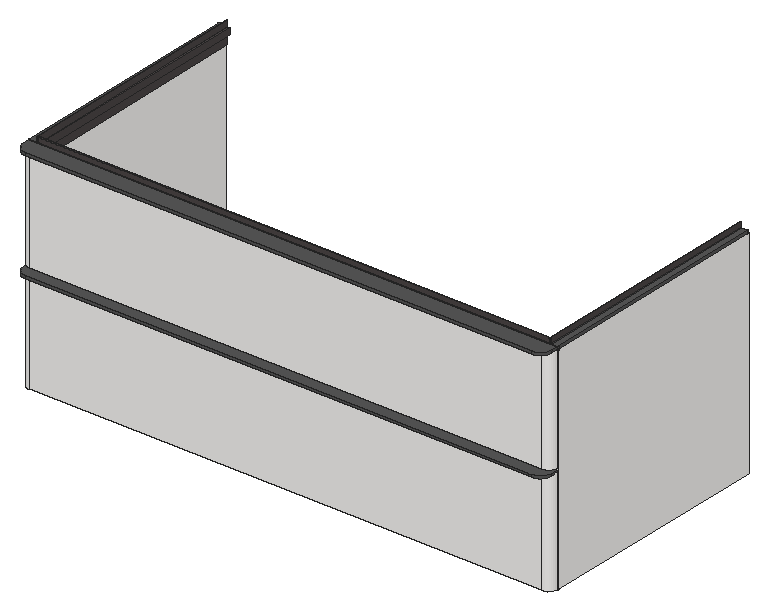
Revit family "vanity unit with 2 drawers for consoles with bowl", category Furniture, Revit 2019 (continued)
Definition of nested family "vanity unit 1180_550 with 2 drawers for consoles with bowl-54083700-diamond matt grey-matt_white-200_content"
  Forms (mm)
    Extrusion 2, solid, visible <- "ContentVisible", detail levels medium+fine
      from 0 to 5
    Extrusion 3, solid, visible <- "ContentVisible", detail levels medium+fine
      sketch origin (0, 0, 480) x (1, 0, 0) y (0, 1, 0)
        loop
          line (-588.5, -528.5) -> (-588.5, -571) -> (588.5, -571) -> (588.5, -528.5) -> (-588.5, -528.5)
      from 0 to 5
    Extrusion 4, solid, visible <- "ContentVisible", detail levels medium+fine
      sketch origin (0, 0, 0) x (1, 0, 0) y (0, 0, -1)
        loop
          line (-574, -447) -> (-574, -485) -> (-572.5, -485) -> (-572.5, -447) -> (-574, -447)
      from -530 to 0
    Extrusion 5, solid, visible <- "ContentVisible", detail levels medium+fine
      sketch origin (0, 0, 0) x (1, 0, 0) y (0, 0, -1)
        loop
          line (572.5, -446.8) -> (572.5, -485) -> (574, -485) -> (574, -446.8) -> (572.5, -446.8)
      from -530 to 0
    Extrusion 6, solid, visible <- "ContentVisible", detail levels medium+fine
      sketch origin (0, 0, 480) x (1, 0, 0) y (0, 1, 0)
        loop
          line (-590, 0) -> (-590, -530) -> (-574, -530) -> (-574, 0) -> (-590, 0)
      from 0 to 5
    Extrusion 7, solid, visible <- "ContentVisible", detail levels medium+fine
      sketch origin (0, 0, 480) x (1, 0, 0) y (0, 1, 0)
        loop
          line (574, 0) -> (574, -530) -> (590, -530) -> (590, 0) -> (574, 0)
      from 0 to 5
    Extrusion 8, solid, visible <- "ContentVisible", detail levels medium+fine
      sketch origin (0, 0, 0) x (1, 0, 0) y (0, 0, -1)
        loop
          line (-572.5, -447) -> (-572.5, -496) -> (-566.4, -496) -> (-566.4, -447) -> (-572.5, -447)
      from -528.5 to 0
    Extrusion 9, solid, visible <- "ContentVisible", detail levels medium+fine
      sketch origin (0, 0, 0) x (1, 0, 0) y (0, 0, -1)
        loop
          line (566.4, -447) -> (566.4, -496) -> (572.5, -496) -> (572.5, -447) -> (566.4, -447)
      from -528.5 to 0
    Extrusion 10, solid, visible <- "ContentVisible", detail levels medium+fine
      sketch origin (0, 0, 0) x (0, 0, -1) y (0, 1, 0)
        loop
          line (-496, -528.5) -> (-447, -528.5) -> (-447, -522.4) -> (-496, -522.4) -> (-496, -528.5)
      from -572.5 to 572.5
    Extrusion 11, solid, visible <- "ContentVisible", detail levels coarse
      sketch origin (0, -285.5, 0) x (1, 0, 0) y (0, 1, 0)
        loop
          line (-590, -285.5) -> (590, -285.5) -> (590, 285.5) -> (-590, 285.5) -> (-590, -285.5)
      from 0 to 496
  Dimensions and locks
    aligned and locked: level to plane 2
Definition of nested family "vanity unit 1180_550 with 2 drawers for consoles with bowl-54083700-diamond matt grey-matt_white-400_content"
  Parameters (values of type "Vanity unit 1180_550 with 2 drawers for consoles with bowl-54083700-Diamond Matt Grey-MATT_WHITE-400_Content")
    etim7_EC011381 = "EC011381"
    WEIGHT = "42.7"
    UNSPSC = "56 | Furniture and Furnishings"
    UNIFORMATII = "E2010 | Fixed Furnishings"
    UNICLASS_2015_CODE = "40_30_78_05"
    UNICLASS2015 = "Pr_40_30_78_05 | Bathroom furniture"
    SURFACE = "MATT_WHITE"
    REGIONSET = "Worldwide"
    PRODUCTURL = "https://pro.hansgrohe.com/articledetail--54083000"
    PRODUCTGROUP = "vanity unit"
    PRODUCTFAMILY = "Xelu Q"
    PERMALINK = "54083XXX"
    OMNICLASS = "23-21 19 15 33 13 | Residential Bathroom Specialty Casework"
    OBJECTTYPE = "Object (single object)"
    OBERFLAECHE = "Diamond Matt Grey"
    NN = "Vanity unit with 2 drawers for consoles with bowl"
    NBSYN = "$BASENUMBER.-$ARTNR.-$OBERFLAECHE.-$SURFACE.-$LODLEVEL."
    NB = "Vanity unit 1180/550 with 2 drawers for consoles with bowl-54083700-Diamond Matt Grey-MATT_WHITE-400"
    NAME = "Xelu Q Vanity unit Diamond Matt Grey 1180/550 with 2 drawers for consoles with bowl"
    Model = "Vanity unit 1180/550 with 2 drawers for consoles with bowl-54083700-Diamond Matt Grey-MATT_WHITE-400"
    Manufacturer = "Hansgrohe"
    MASTERFORMAT = "12 35 30.23 | Bathroom Casework"
    LODLEVEL = "400"
    LINA = "Vanity unit 1180/550 with 2 drawers for consoles with bowl-54083700-Diamond Matt Grey-MATT_WHITE-400"
    L = 1180
    IFC = "Furnishing element"
    GTINCODE = "4059625456668"
    ETIM = "EC011381 | Bathroom furniture set"
    Default Elevation = 1219.2 mm
    DESIGN = "Germany"
    ContentVisible [instance] = yes
    CATALOG = "Hansgrohe"
    BIMOBJECT = "Sanitary: Compound units"
    BASENUMBER = "Vanity unit 1180/550 with 2 drawers for consoles with bowl"
    ARTNR = "54083700"
  Reference planes
    plane 1 "Center (Front/Back)": y = 0
    plane 2: z = 0
    plane 3 "Center (Left/Right)": x = 0
  Forms (mm)
    Extrusion 1, solid, visible <- "ContentVisible", detail levels medium+fine
      sketch origin (0, 0, 0) x (1, 0, 0) y (0, 1, 0)
        loop
          line (-590, 0) -> (-590, -527)
          arc (-590, -527) -> (-589.121, -529.121) -> (-587, -530) r 3
          line (-587, -530) -> (-574, -530) -> (-574, 0) -> (-590, 0)
      from 0 to 480
    Extrusion 2, solid, visible <- "ContentVisible", detail levels medium+fine
      sketch origin (0, 0, 0) x (1, 0, 0) y (0, 1, 0)
        loop
          line (-574, -133) -> (-574, -499.5) -> (574, -499.5) -> (574, -133) -> (-574, -133)
      from 0 to 16
    Extrusion 3, solid, visible <- "ContentVisible", detail levels medium+fine
      sketch origin (0, 0, 0) x (1, 0, 0) y (0, 1, 0)
        loop
          line (574, 0) -> (574, -530) -> (587, -530)
          arc (587, -530) -> (589.121, -529.121) -> (590, -527) r 3
          line (590, -527) -> (590, 0) -> (574, 0)
      from 0 to 480
    Extrusion 4, solid, visible <- "ContentVisible", detail levels medium+fine
      sketch origin (0, 0, 0) x (1, 0, 0) y (0, 1, 0)
        loop
          line (-574, -117) -> (-574, -133) -> (574, -133) -> (574, -117) -> (-574, -117)
      from 0 to 126
    Extrusion 5, solid, visible <- "ContentVisible", detail levels medium+fine
      sketch origin (0, 0, 2) x (1, 0, 0) y (0, 1, 0)
        loop
          arc (-590, -532) -> (-584.435, -545.435) -> (-571, -551) r 19
          line (-571, -551) -> (571, -551)
          arc (571, -551) -> (584.435, -545.435) -> (590, -532) r 19
          line (590, -532) -> (590, -530) -> (-590, -530) -> (-590, -532)
      from 0 to 234
    Extrusion 6, solid, visible <- "ContentVisible", detail levels medium+fine
      sketch origin (0, 0, 234) x (1, 0, 0) y (0, 1, 0)
        loop
          line (-588.5, -530) -> (-588.5, -546)
          arc (-588.5, -546) -> (-581.178, -563.678) -> (-563.5, -571) r 25
          line (-563.5, -571) -> (563.5, -571)
          arc (563.5, -571) -> (581.178, -563.678) -> (588.5, -546) r 25
          line (588.5, -546) -> (588.5, -530) -> (568.5, -530) -> (568.5, -528.5) -> (-568.5, -528.5) -> (-568.5, -530) -> (-588.5, -530)
      from 0 to 5
    Extrusion 7, solid, visible <- "ContentVisible", detail levels medium+fine
      sketch origin (0, 0, 0) x (0, 0, -1) y (0, 1, 0)
        loop
          line (-239, -528.5) -> (-239, -530) -> (-209, -530) -> (-209, -528.5) -> (-239, -528.5)
      from -568.5 to 568.5
    Extrusion 8, solid, visible <- "ContentVisible", detail levels medium+fine
      sketch origin (0, 0, 245) x (1, 0, 0) y (0, 1, 0)
        loop
          arc (-590, -532) -> (-584.435, -545.435) -> (-571, -551) r 19
          line (-571, -551) -> (571, -551)
          arc (571, -551) -> (584.435, -545.435) -> (590, -532) r 19
          line (590, -532) -> (590, -530) -> (-590, -530) -> (-590, -532)
      from 0 to 235
    Extrusion 9, solid, visible <- "ContentVisible", detail levels medium+fine
      sketch origin (0, 0, 480) x (1, 0, 0) y (0, 1, 0)
        loop
          line (-588.5, -530) -> (-588.5, -546)
          arc (-588.5, -546) -> (-581.178, -563.678) -> (-563.5, -571) r 25
          line (-563.5, -571) -> (563.5, -571)
          arc (563.5, -571) -> (581.178, -563.678) -> (588.5, -546) r 25
          line (588.5, -546) -> (588.5, -530) -> (568.5, -530) -> (568.5, -528.5) -> (-568.5, -528.5) -> (-568.5, -530) -> (-588.5, -530)
      from 0 to 5
    Extrusion 10, solid, visible <- "ContentVisible", detail levels medium+fine
      sketch origin (0, 0, 0) x (0, 0, -1) y (0, 1, 0)
        loop
          line (-485, -528.5) -> (-485, -530) -> (-455, -530) -> (-455, -528.5) -> (-485, -528.5)
      from -568.5 to 568.5
    Extrusion 11, solid, visible <- "ContentVisible", detail levels medium+fine
      sketch origin (0, 0, 0) x (1, 0, 0) y (0, 0, -1)
        loop
          line (-574, -447) -> (-574, -485) -> (-572.5, -485) -> (-572.5, -447) -> (-574, -447)
      from -530 to 0
    Extrusion 12, solid, visible <- "ContentVisible", detail levels medium+fine
      sketch origin (0, 0, 0) x (1, 0, 0) y (0, 0, -1)
        loop
          line (572.5, -446.8) -> (572.5, -485) -> (574, -485) -> (574, -446.8) -> (572.5, -446.8)
      from -530 to 0
    Extrusion 13, solid, visible <- "ContentVisible", detail levels medium+fine
      sketch origin (0, 0, 480) x (1, 0, 0) y (0, 1, 0)
        loop
          line (-590, -3) -> (-590, -527)
          arc (-590, -527) -> (-589.121, -529.121) -> (-587, -530) r 3
          line (-587, -530) -> (-574, -530) -> (-574, 0) -> (-587, 0)
          arc (-587, 0) -> (-589.121, -0.879) -> (-590, -3) r 3
      from 0 to 5
    Extrusion 14, solid, visible <- "ContentVisible", detail levels medium+fine
      sketch origin (0, 0, 480) x (1, 0, 0) y (0, 1, 0)
        loop
          line (574, 0) -> (574, -530) -> (587, -530)
          arc (587, -530) -> (589.121, -529.121) -> (590, -527) r 3
          line (590, -527) -> (590, -3)
          arc (590, -3) -> (589.121, -0.879) -> (587, 0) r 3
          line (587, 0) -> (574, 0)
      from 0 to 5
    Extrusion 15, solid, visible <- "ContentVisible", detail levels medium+fine
      sketch origin (0, 0, 0) x (1, 0, 0) y (0, 0, -1)
        loop
          line (-572.5, -447) -> (-572.5, -496) -> (-571, -496) -> (-571, -483) -> (-566.4, -483) -> (-566.4, -468.5) -> (-571, -468.5) -> (-571, -447) -> (-572.5, -447)
      from -528.5 to 0
    Extrusion 16, solid, visible <- "ContentVisible", detail levels medium+fine
      sketch origin (0, 0, 0) x (1, 0, 0) y (0, 0, -1)
        loop
          line (566.4, -468.5) -> (566.4, -483) -> (571, -483) -> (571, -496) -> (572.5, -496) -> (572.5, -447) -> (571, -447) -> (571, -468.5) -> (566.4, -468.5)
      from -528.5 to 0
    Extrusion 17, solid, visible <- "ContentVisible", detail levels medium+fine
      sketch origin (0, 0, 0) x (0, 0, -1) y (0, 1, 0)
        loop
          line (-496, -528.5) -> (-447, -528.5) -> (-447, -527) -> (-468.5, -527) -> (-468.5, -522.4) -> (-483, -522.4) -> (-483, -527) -> (-496, -527) -> (-496, -528.5)
      from -572.5 to 572.5
    Extrusion 18, solid, visible <- "ContentVisible", detail levels coarse
      sketch origin (0, -285.5, 0) x (1, 0, 0) y (0, 1, 0)
        loop
          line (-590, -285.5) -> (590, -285.5) -> (590, 285.5) -> (-590, 285.5) -> (-590, -285.5)
      from 0 to 496
  Dimensions and locks
    aligned and locked: level to plane 2
Definition of nested family "vanity unit 1180_550 with 2 drawers for consoles with bowl-54084000-natural oak-chrome-200_content"
  Parameters (values of type "Vanity unit 1180_550 with 2 drawers for consoles with bowl-54084000-Natural Oak-CHROME-200_Content")
    etim7_EC011381 = "EC011381"
    WEIGHT = "42.7"
    UNSPSC = "56 | Furniture and Furnishings"
    UNIFORMATII = "E2010 | Fixed Furnishings"
    UNICLASS_2015_CODE = "40_30_78_05"
    UNICLASS2015 = "Pr_40_30_78_05 | Bathroom furniture"
    SURFACE = "CHROME"
    REGIONSET = "Worldwide"
    PRODUCTURL = "https://pro.hansgrohe.com/articledetail--54084000"
    PRODUCTGROUP = "vanity unit"
    PRODUCTFAMILY = "Xelu Q"
    PERMALINK = "54084XXX"
    OMNICLASS = "23-21 19 15 33 13 | Residential Bathroom Specialty Casework"
    OBJECTTYPE = "Object (single object)"
    OBERFLAECHE = "Natural Oak"
    NN = "Vanity unit with 2 drawers for consoles with bowl"
    NBSYN = "$BASENUMBER.-$ARTNR.-$OBERFLAECHE.-$SURFACE.-$LODLEVEL."
    NB = "Vanity unit 1180/550 with 2 drawers for consoles with bowl-54084000-Natural Oak-CHROME-200"
    NAME = "Xelu Q Vanity unit Natural Oak 1180/550 with 2 drawers for consoles with bowl"
    Model = "Vanity unit 1180/550 with 2 drawers for consoles with bowl-54084000-Natural Oak-CHROME-200"
    Manufacturer = "Hansgrohe"
    MASTERFORMAT = "12 35 30.23 | Bathroom Casework"
    LODLEVEL = "200"
    LINA = "Vanity unit 1180/550 with 2 drawers for consoles with bowl-54084000-Natural Oak-CHROME-200"
    L = 1180
    IFC = "Furnishing element"
    GTINCODE = "4059625457030"
    ETIM = "EC011381 | Bathroom furniture set"
    Default Elevation = 1219.2 mm
    DESIGN = "Germany"
    ContentVisible [instance] = yes
    CATALOG = "Hansgrohe"
    BIMOBJECT = "Sanitary: Compound units"
    BASENUMBER = "Vanity unit 1180/550 with 2 drawers for consoles with bowl"
    ARTNR = "54084000"
  Reference planes
    plane 1 "Center (Front/Back)": y = 0
    plane 2: z = 0
    plane 3 "Center (Left/Right)": x = 0
  Forms (mm)
    Extrusion 1, solid, visible <- "ContentVisible", detail levels medium+fine
      sketch origin (0, 0, 0) x (1, 0, 0) y (0, 1, 0)
        loop
          line (-590, 0) -> (-590, -551) -> (590, -551) -> (590, 0) -> (574, 0) -> (574, -117) -> (-574, -117) -> (-574, 0) -> (-590, 0)
      from 0 to 480
    Extrusion 2, solid, visible <- "ContentVisible", detail levels medium+fine
      sketch origin (0, 0, 234) x (1, 0, 0) y (0, 1, 0)
        loop
          line (-588.5, -528.5) -> (-588.5, -571) -> (588.5, -571) -> (588.5, -528.5) -> (-588.5, -528.5)
      from 0 to 5
    Extrusion 3, solid, visible <- "ContentVisible", detail levels medium+fine
      sketch origin (0, 0, 480) x (1, 0, 0) y (0, 1, 0)
        loop
          line (-588.5, -528.5) -> (-588.5, -571) -> (588.5, -571) -> (588.5, -528.5) -> (-588.5, -528.5)
      from 0 to 5
    Extrusion 4, solid, visible <- "ContentVisible", detail levels medium+fine
      sketch origin (0, 0, 0) x (1, 0, 0) y (0, 0, -1)
        loop
          line (-574, -447) -> (-574, -485) -> (-572.5, -485) -> (-572.5, -447) -> (-574, -447)
      from -530 to 0
    Extrusion 5, solid, visible <- "ContentVisible", detail levels medium+fine
      sketch origin (0, 0, 0) x (1, 0, 0) y (0, 0, -1)
        loop
          line (572.5, -446.8) -> (572.5, -485) -> (574, -485) -> (574, -446.8) -> (572.5, -446.8)
      from -530 to 0
    Extrusion 6, solid, visible <- "ContentVisible", detail levels medium+fine
      sketch origin (0, 0, 480) x (1, 0, 0) y (0, 1, 0)
        loop
          line (-590, 0) -> (-590, -530) -> (-574, -530) -> (-574, 0) -> (-590, 0)
      from 0 to 5
    Extrusion 7, solid, visible <- "ContentVisible", detail levels medium+fine
      sketch origin (0, 0, 480) x (1, 0, 0) y (0, 1, 0)
        loop
          line (574, 0) -> (574, -530) -> (590, -530) -> (590, 0) -> (574, 0)
      from 0 to 5
    Extrusion 8, solid, visible <- "ContentVisible", detail levels medium+fine
      sketch origin (0, 0, 0) x (1, 0, 0) y (0, 0, -1)
        loop
          line (-572.5, -447) -> (-572.5, -496) -> (-566.4, -496) -> (-566.4, -447) -> (-572.5, -447)
      from -528.5 to 0
    Extrusion 9, solid, visible <- "ContentVisible", detail levels medium+fine
      sketch origin (0, 0, 0) x (1, 0, 0) y (0, 0, -1)
        loop
          line (566.4, -447) -> (566.4, -496) -> (572.5, -496) -> (572.5, -447) -> (566.4, -447)
      from -528.5 to 0
    Extrusion 10, solid, visible <- "ContentVisible", detail levels medium+fine
      sketch origin (0, 0, 0) x (0, 0, -1) y (0, 1, 0)
        loop
          line (-496, -528.5) -> (-447, -528.5) -> (-447, -522.4) -> (-496, -522.4) -> (-496, -528.5)
      from -572.5 to 572.5
    Extrusion 11, solid, visible <- "ContentVisible", detail levels coarse
      sketch origin (0, -285.5, 0) x (1, 0, 0) y (0, 1, 0)
        loop
          line (-590, -285.5) -> (590, -285.5) -> (590, 285.5) -> (-590, 285.5) -> (-590, -285.5)
      from 0 to 496
  Dimensions and locks
    aligned and locked: level to plane 2
Definition of nested family "vanity unit 1180_550 with 2 drawers for consoles with bowl-54084000-natural oak-chrome-400_content"
  Parameters (values of type "Vanity unit 1180_550 with 2 drawers for consoles with bowl-54084000-Natural Oak-CHROME-400_Content")
    etim7_EC011381 = "EC011381"
    WEIGHT = "42.7"
    UNSPSC = "56 | Furniture and Furnishings"
    UNIFORMATII = "E2010 | Fixed Furnishings"
    UNICLASS_2015_CODE = "40_30_78_05"
    UNICLASS2015 = "Pr_40_30_78_05 | Bathroom furniture"
    SURFACE = "CHROME"
    REGIONSET = "Worldwide"
    PRODUCTURL = "https://pro.hansgrohe.com/articledetail--54084000"
    PRODUCTGROUP = "vanity unit"
    PRODUCTFAMILY = "Xelu Q"
    PERMALINK = "54084XXX"
    OMNICLASS = "23-21 19 15 33 13 | Residential Bathroom Specialty Casework"
    OBJECTTYPE = "Object (single object)"
    OBERFLAECHE = "Natural Oak"
    NN = "Vanity unit with 2 drawers for consoles with bowl"
    NBSYN = "$BASENUMBER.-$ARTNR.-$OBERFLAECHE.-$SURFACE.-$LODLEVEL."
    NB = "Vanity unit 1180/550 with 2 drawers for consoles with bowl-54084000-Natural Oak-CHROME-400"
    NAME = "Xelu Q Vanity unit Natural Oak 1180/550 with 2 drawers for consoles with bowl"
    Model = "Vanity unit 1180/550 with 2 drawers for consoles with bowl-54084000-Natural Oak-CHROME-400"
    Manufacturer = "Hansgrohe"
    MASTERFORMAT = "12 35 30.23 | Bathroom Casework"
    LODLEVEL = "400"
    LINA = "Vanity unit 1180/550 with 2 drawers for consoles with bowl-54084000-Natural Oak-CHROME-400"
    L = 1180
    IFC = "Furnishing element"
    GTINCODE = "4059625457030"
    ETIM = "EC011381 | Bathroom furniture set"
    Default Elevation = 1219.2 mm
    DESIGN = "Germany"
    ContentVisible [instance] = yes
    CATALOG = "Hansgrohe"
    BIMOBJECT = "Sanitary: Compound units"
    BASENUMBER = "Vanity unit 1180/550 with 2 drawers for consoles with bowl"
    ARTNR = "54084000"
  Reference planes
    plane 1 "Center (Front/Back)": y = 0
    plane 2: z = 0
    plane 3 "Center (Left/Right)": x = 0
  Forms (mm)
    Extrusion 1, solid, visible <- "ContentVisible", detail levels medium+fine
      sketch origin (0, 0, 0) x (1, 0, 0) y (0, 1, 0)
        loop
          line (-590, 0) -> (-590, -527)
          arc (-590, -527) -> (-589.121, -529.121) -> (-587, -530) r 3
          line (-587, -530) -> (-574, -530) -> (-574, 0) -> (-590, 0)
      from 0 to 480
    Extrusion 2, solid, visible <- "ContentVisible", detail levels medium+fine
      sketch origin (0, 0, 0) x (1, 0, 0) y (0, 1, 0)
        loop
          line (-574, -133) -> (-574, -499.5) -> (574, -499.5) -> (574, -133) -> (-574, -133)
      from 0 to 16
    Extrusion 3, solid, visible <- "ContentVisible", detail levels medium+fine
      sketch origin (0, 0, 0) x (1, 0, 0) y (0, 1, 0)
        loop
          line (574, 0) -> (574, -530) -> (587, -530)
          arc (587, -530) -> (589.121, -529.121) -> (590, -527) r 3
          line (590, -527) -> (590, 0) -> (574, 0)
      from 0 to 480
    Extrusion 4, solid, visible <- "ContentVisible", detail levels medium+fine
      sketch origin (0, 0, 0) x (1, 0, 0) y (0, 1, 0)
        loop
          line (-574, -117) -> (-574, -133) -> (574, -133) -> (574, -117) -> (-574, -117)
      from 0 to 126
    Extrusion 5, solid, visible <- "ContentVisible", detail levels medium+fine
      sketch origin (0, 0, 2) x (1, 0, 0) y (0, 1, 0)
        loop
          arc (-590, -532) -> (-584.435, -545.435) -> (-571, -551) r 19
          line (-571, -551) -> (571, -551)
          arc (571, -551) -> (584.435, -545.435) -> (590, -532) r 19
          line (590, -532) -> (590, -530) -> (-590, -530) -> (-590, -532)
      from 0 to 234
    Extrusion 6, solid, visible <- "ContentVisible", detail levels medium+fine
      sketch origin (0, 0, 234) x (1, 0, 0) y (0, 1, 0)
        loop
          line (-588.5, -530) -> (-588.5, -546)
          arc (-588.5, -546) -> (-581.178, -563.678) -> (-563.5, -571) r 25
          line (-563.5, -571) -> (563.5, -571)
          arc (563.5, -571) -> (581.178, -563.678) -> (588.5, -546) r 25
          line (588.5, -546) -> (588.5, -530) -> (568.5, -530) -> (568.5, -528.5) -> (-568.5, -528.5) -> (-568.5, -530) -> (-588.5, -530)
      from 0 to 5
    Extrusion 7, solid, visible <- "ContentVisible", detail levels medium+fine
      sketch origin (0, 0, 0) x (0, 0, -1) y (0, 1, 0)
        loop
          line (-239, -528.5) -> (-239, -530) -> (-209, -530) -> (-209, -528.5) -> (-239, -528.5)
      from -568.5 to 568.5
    Extrusion 8, solid, visible <- "ContentVisible", detail levels medium+fine
      sketch origin (0, 0, 245) x (1, 0, 0) y (0, 1, 0)
        loop
          arc (-590, -532) -> (-584.435, -545.435) -> (-571, -551) r 19
          line (-571, -551) -> (571, -551)
          arc (571, -551) -> (584.435, -545.435) -> (590, -532) r 19
          line (590, -532) -> (590, -530) -> (-590, -530) -> (-590, -532)
      from 0 to 235
    Extrusion 9, solid, visible <- "ContentVisible", detail levels medium+fine
      sketch origin (0, 0, 480) x (1, 0, 0) y (0, 1, 0)
        loop
          line (-588.5, -530) -> (-588.5, -546)
          arc (-588.5, -546) -> (-581.178, -563.678) -> (-563.5, -571) r 25
          line (-563.5, -571) -> (563.5, -571)
          arc (563.5, -571) -> (581.178, -563.678) -> (588.5, -546) r 25
          line (588.5, -546) -> (588.5, -530) -> (568.5, -530) -> (568.5, -528.5) -> (-568.5, -528.5) -> (-568.5, -530) -> (-588.5, -530)
      from 0 to 5
    Extrusion 10, solid, visible <- "ContentVisible", detail levels medium+fine
      sketch origin (0, 0, 0) x (0, 0, -1) y (0, 1, 0)
        loop
          line (-485, -528.5) -> (-485, -530) -> (-455, -530) -> (-455, -528.5) -> (-485, -528.5)
      from -568.5 to 568.5
    Extrusion 11, solid, visible <- "ContentVisible", detail levels medium+fine
      sketch origin (0, 0, 0) x (1, 0, 0) y (0, 0, -1)
        loop
          line (-574, -447) -> (-574, -485) -> (-572.5, -485) -> (-572.5, -447) -> (-574, -447)
      from -530 to 0
    Extrusion 12, solid, visible <- "ContentVisible", detail levels medium+fine
      sketch origin (0, 0, 0) x (1, 0, 0) y (0, 0, -1)
        loop
          line (572.5, -446.8) -> (572.5, -485) -> (574, -485) -> (574, -446.8) -> (572.5, -446.8)
      from -530 to 0
    Extrusion 13, solid, visible <- "ContentVisible", detail levels medium+fine
      sketch origin (0, 0, 480) x (1, 0, 0) y (0, 1, 0)
        loop
          line (-590, -3) -> (-590, -527)
          arc (-590, -527) -> (-589.121, -529.121) -> (-587, -530) r 3
          line (-587, -530) -> (-574, -530) -> (-574, 0) -> (-587, 0)
          arc (-587, 0) -> (-589.121, -0.879) -> (-590, -3) r 3
      from 0 to 5
    Extrusion 14, solid, visible <- "ContentVisible", detail levels medium+fine
      sketch origin (0, 0, 480) x (1, 0, 0) y (0, 1, 0)
        loop
          line (574, 0) -> (574, -530) -> (587, -530)
          arc (587, -530) -> (589.121, -529.121) -> (590, -527) r 3
          line (590, -527) -> (590, -3)
          arc (590, -3) -> (589.121, -0.879) -> (587, 0) r 3
          line (587, 0) -> (574, 0)
      from 0 to 5
    Extrusion 15, solid, visible <- "ContentVisible", detail levels medium+fine
      sketch origin (0, 0, 0) x (1, 0, 0) y (0, 0, -1)
        loop
          line (-572.5, -447) -> (-572.5, -496) -> (-571, -496) -> (-571, -483) -> (-566.4, -483) -> (-566.4, -468.5) -> (-571, -468.5) -> (-571, -447) -> (-572.5, -447)
      from -528.5 to 0
    Extrusion 16, solid, visible <- "ContentVisible", detail levels medium+fine
      sketch origin (0, 0, 0) x (1, 0, 0) y (0, 0, -1)
        loop
          line (566.4, -468.5) -> (566.4, -483) -> (571, -483) -> (571, -496) -> (572.5, -496) -> (572.5, -447) -> (571, -447) -> (571, -468.5) -> (566.4, -468.5)
      from -528.5 to 0
    Extrusion 17, solid, visible <- "ContentVisible", detail levels medium+fine
      sketch origin (0, 0, 0) x (0, 0, -1) y (0, 1, 0)
        loop
          line (-496, -528.5) -> (-447, -528.5) -> (-447, -527) -> (-468.5, -527) -> (-468.5, -522.4) -> (-483, -522.4) -> (-483, -527) -> (-496, -527) -> (-496, -528.5)
      from -572.5 to 572.5
    Extrusion 18, solid, visible <- "ContentVisible", detail levels coarse
      sketch origin (0, -285.5, 0) x (1, 0, 0) y (0, 1, 0)
        loop
          line (-590, -285.5) -> (590, -285.5) -> (590, 285.5) -> (-590, 285.5) -> (-590, -285.5)
      from 0 to 496
  Dimensions and locks
    aligned and locked: level to plane 2
Definition of nested family "vanity unit 1180_550 with 2 drawers for consoles with bowl-54084670-natural oak-matt_black-200_content"
  Parameters (values of type "Vanity unit 1180_550 with 2 drawers for consoles with bowl-54084670-Natural Oak-MATT_BLACK-200_Content")
    etim7_EC011381 = "EC011381"
    WEIGHT = "42.7"
    UNSPSC = "56 | Furniture and Furnishings"
    UNIFORMATII = "E2010 | Fixed Furnishings"
    UNICLASS_2015_CODE = "40_30_78_05"
    UNICLASS2015 = "Pr_40_30_78_05 | Bathroom furniture"
    SURFACE = "MATT_BLACK"
    REGIONSET = "Worldwide"
    PRODUCTURL = "https://pro.hansgrohe.com/articledetail--54084000"
    PRODUCTGROUP = "vanity unit"
    PRODUCTFAMILY = "Xelu Q"
    PERMALINK = "54084XXX"
    OMNICLASS = "23-21 19 15 33 13 | Residential Bathroom Specialty Casework"
    OBJECTTYPE = "Object (single object)"
    OBERFLAECHE = "Natural Oak"
    NN = "Vanity unit with 2 drawers for consoles with bowl"
    NBSYN = "$BASENUMBER.-$ARTNR.-$OBERFLAECHE.-$SURFACE.-$LODLEVEL."
    NB = "Vanity unit 1180/550 with 2 drawers for consoles with bowl-54084670-Natural Oak-MATT_BLACK-200"
    NAME = "Xelu Q Vanity unit Natural Oak 1180/550 with 2 drawers for consoles with bowl"
    Model = "Vanity unit 1180/550 with 2 drawers for consoles with bowl-54084670-Natural Oak-MATT_BLACK-200"
    Manufacturer = "Hansgrohe"
    MASTERFORMAT = "12 35 30.23 | Bathroom Casework"
    LODLEVEL = "200"
    LINA = "Vanity unit 1180/550 with 2 drawers for consoles with bowl-54084670-Natural Oak-MATT_BLACK-200"
    L = 1180
    IFC = "Furnishing element"
    GTINCODE = "4059625457030"
    ETIM = "EC011381 | Bathroom furniture set"
    Default Elevation = 1219.2 mm
    DESIGN = "Germany"
    ContentVisible [instance] = yes
    CATALOG = "Hansgrohe"
    BIMOBJECT = "Sanitary: Compound units"
    BASENUMBER = "Vanity unit 1180/550 with 2 drawers for consoles with bowl"
    ARTNR = "54084670"
  Reference planes
    plane 1 "Center (Front/Back)": y = 0
    plane 2: z = 0
    plane 3 "Center (Left/Right)": x = 0
  Forms (mm)
    Extrusion 1, solid, visible <- "ContentVisible", detail levels medium+fine
      sketch origin (0, 0, 0) x (1, 0, 0) y (0, 1, 0)
        loop
          line (-590, 0) -> (-590, -551) -> (590, -551) -> (590, 0) -> (574, 0) -> (574, -117) -> (-574, -117) -> (-574, 0) -> (-590, 0)
      from 0 to 480
    Extrusion 2, solid, visible <- "ContentVisible", detail levels medium+fine
      sketch origin (0, 0, 234) x (1, 0, 0) y (0, 1, 0)
        loop
          line (-588.5, -528.5) -> (-588.5, -571) -> (588.5, -571) -> (588.5, -528.5) -> (-588.5, -528.5)
      from 0 to 5
    Extrusion 3, solid, visible <- "ContentVisible", detail levels medium+fine
      sketch origin (0, 0, 480) x (1, 0, 0) y (0, 1, 0)
        loop
          line (-588.5, -528.5) -> (-588.5, -571) -> (588.5, -571) -> (588.5, -528.5) -> (-588.5, -528.5)
      from 0 to 5
    Extrusion 4, solid, visible <- "ContentVisible", detail levels medium+fine
      sketch origin (0, 0, 0) x (1, 0, 0) y (0, 0, -1)
        loop
          line (-574, -447) -> (-574, -485) -> (-572.5, -485) -> (-572.5, -447) -> (-574, -447)
      from -530 to 0
    Extrusion 5, solid, visible <- "ContentVisible", detail levels medium+fine
      sketch origin (0, 0, 0) x (1, 0, 0) y (0, 0, -1)
        loop
          line (572.5, -446.8) -> (572.5, -485) -> (574, -485) -> (574, -446.8) -> (572.5, -446.8)
      from -530 to 0
    Extrusion 6, solid, visible <- "ContentVisible", detail levels medium+fine
      sketch origin (0, 0, 480) x (1, 0, 0) y (0, 1, 0)
        loop
          line (-590, 0) -> (-590, -530) -> (-574, -530) -> (-574, 0) -> (-590, 0)
      from 0 to 5
    Extrusion 7, solid, visible <- "ContentVisible", detail levels medium+fine
      sketch origin (0, 0, 480) x (1, 0, 0) y (0, 1, 0)
        loop
          line (574, 0) -> (574, -530) -> (590, -530) -> (590, 0) -> (574, 0)
      from 0 to 5
    Extrusion 8, solid, visible <- "ContentVisible", detail levels medium+fine
      sketch origin (0, 0, 0) x (1, 0, 0) y (0, 0, -1)
        loop
          line (-572.5, -447) -> (-572.5, -496) -> (-566.4, -496) -> (-566.4, -447) -> (-572.5, -447)
      from -528.5 to 0
    Extrusion 9, solid, visible <- "ContentVisible", detail levels medium+fine
      sketch origin (0, 0, 0) x (1, 0, 0) y (0, 0, -1)
        loop
          line (566.4, -447) -> (566.4, -496) -> (572.5, -496) -> (572.5, -447) -> (566.4, -447)
      from -528.5 to 0
    Extrusion 10, solid, visible <- "ContentVisible", detail levels medium+fine
      sketch origin (0, 0, 0) x (0, 0, -1) y (0, 1, 0)
        loop
          line (-496, -528.5) -> (-447, -528.5) -> (-447, -522.4) -> (-496, -522.4) -> (-496, -528.5)
      from -572.5 to 572.5
    Extrusion 11, solid, visible <- "ContentVisible", detail levels coarse
      sketch origin (0, -285.5, 0) x (1, 0, 0) y (0, 1, 0)
        loop
          line (-590, -285.5) -> (590, -285.5) -> (590, 285.5) -> (-590, 285.5) -> (-590, -285.5)
      from 0 to 496
  Dimensions and locks
    aligned and locked: level to plane 2
Definition of nested family "vanity unit 1180_550 with 2 drawers for consoles with bowl-54084670-natural oak-matt_black-400_content"
  Parameters (values of type "Vanity unit 1180_550 with 2 drawers for consoles with bowl-54084670-Natural Oak-MATT_BLACK-400_Content")
    etim7_EC011381 = "EC011381"
    WEIGHT = "42.7"
    UNSPSC = "56 | Furniture and Furnishings"
    UNIFORMATII = "E2010 | Fixed Furnishings"
    UNICLASS_2015_CODE = "40_30_78_05"
    UNICLASS2015 = "Pr_40_30_78_05 | Bathroom furniture"
    SURFACE = "MATT_BLACK"
    REGIONSET = "Worldwide"
    PRODUCTURL = "https://pro.hansgrohe.com/articledetail--54084000"
    PRODUCTGROUP = "vanity unit"
    PRODUCTFAMILY = "Xelu Q"
    PERMALINK = "54084XXX"
    OMNICLASS = "23-21 19 15 33 13 | Residential Bathroom Specialty Casework"
    OBJECTTYPE = "Object (single object)"
    OBERFLAECHE = "Natural Oak"
    NN = "Vanity unit with 2 drawers for consoles with bowl"
    NBSYN = "$BASENUMBER.-$ARTNR.-$OBERFLAECHE.-$SURFACE.-$LODLEVEL."
    NB = "Vanity unit 1180/550 with 2 drawers for consoles with bowl-54084670-Natural Oak-MATT_BLACK-400"
    NAME = "Xelu Q Vanity unit Natural Oak 1180/550 with 2 drawers for consoles with bowl"
    Model = "Vanity unit 1180/550 with 2 drawers for consoles with bowl-54084670-Natural Oak-MATT_BLACK-400"
    Manufacturer = "Hansgrohe"
    MASTERFORMAT = "12 35 30.23 | Bathroom Casework"
    LODLEVEL = "400"
    LINA = "Vanity unit 1180/550 with 2 drawers for consoles with bowl-54084670-Natural Oak-MATT_BLACK-400"
    L = 1180
    IFC = "Furnishing element"
    GTINCODE = "4059625457030"
    ETIM = "EC011381 | Bathroom furniture set"
    Default Elevation = 1219.2 mm
    DESIGN = "Germany"
    ContentVisible [instance] = yes
    CATALOG = "Hansgrohe"
    BIMOBJECT = "Sanitary: Compound units"
    BASENUMBER = "Vanity unit 1180/550 with 2 drawers for consoles with bowl"
    ARTNR = "54084670"
  Reference planes
    plane 1 "Center (Front/Back)": y = 0
    plane 2: z = 0
    plane 3 "Center (Left/Right)": x = 0
  Forms (mm)
    Extrusion 1, solid, visible <- "ContentVisible", detail levels medium+fine
      sketch origin (0, 0, 0) x (1, 0, 0) y (0, 1, 0)
        loop
          line (-590, 0) -> (-590, -527)
          arc (-590, -527) -> (-589.121, -529.121) -> (-587, -530) r 3
          line (-587, -530) -> (-574, -530) -> (-574, 0) -> (-590, 0)
      from 0 to 480
    Extrusion 2, solid, visible <- "ContentVisible", detail levels medium+fine
      sketch origin (0, 0, 0) x (1, 0, 0) y (0, 1, 0)
        loop
          line (-574, -133) -> (-574, -499.5) -> (574, -499.5) -> (574, -133) -> (-574, -133)
      from 0 to 16
    Extrusion 3, solid, visible <- "ContentVisible", detail levels medium+fine
      sketch origin (0, 0, 0) x (1, 0, 0) y (0, 1, 0)
        loop
          line (574, 0) -> (574, -530) -> (587, -530)
          arc (587, -530) -> (589.121, -529.121) -> (590, -527) r 3
          line (590, -527) -> (590, 0) -> (574, 0)
      from 0 to 480
    Extrusion 4, solid, visible <- "ContentVisible", detail levels medium+fine
      sketch origin (0, 0, 0) x (1, 0, 0) y (0, 1, 0)
        loop
          line (-574, -117) -> (-574, -133) -> (574, -133) -> (574, -117) -> (-574, -117)
      from 0 to 126
    Extrusion 5, solid, visible <- "ContentVisible", detail levels medium+fine
      sketch origin (0, 0, 2) x (1, 0, 0) y (0, 1, 0)
        loop
          arc (-590, -532) -> (-584.435, -545.435) -> (-571, -551) r 19
          line (-571, -551) -> (571, -551)
          arc (571, -551) -> (584.435, -545.435) -> (590, -532) r 19
          line (590, -532) -> (590, -530) -> (-590, -530) -> (-590, -532)
      from 0 to 234
    Extrusion 6, solid, visible <- "ContentVisible", detail levels medium+fine
      sketch origin (0, 0, 234) x (1, 0, 0) y (0, 1, 0)
        loop
          line (-588.5, -530) -> (-588.5, -546)
          arc (-588.5, -546) -> (-581.178, -563.678) -> (-563.5, -571) r 25
          line (-563.5, -571) -> (563.5, -571)
          arc (563.5, -571) -> (581.178, -563.678) -> (588.5, -546) r 25
          line (588.5, -546) -> (588.5, -530) -> (568.5, -530) -> (568.5, -528.5) -> (-568.5, -528.5) -> (-568.5, -530) -> (-588.5, -530)
      from 0 to 5
    Extrusion 7, solid, visible <- "ContentVisible", detail levels medium+fine
      sketch origin (0, 0, 0) x (0, 0, -1) y (0, 1, 0)
        loop
          line (-239, -528.5) -> (-239, -530) -> (-209, -530) -> (-209, -528.5) -> (-239, -528.5)
      from -568.5 to 568.5
    Extrusion 8, solid, visible <- "ContentVisible", detail levels medium+fine
      sketch origin (0, 0, 245) x (1, 0, 0) y (0, 1, 0)
        loop
          arc (-590, -532) -> (-584.435, -545.435) -> (-571, -551) r 19
          line (-571, -551) -> (571, -551)
          arc (571, -551) -> (584.435, -545.435) -> (590, -532) r 19
          line (590, -532) -> (590, -530) -> (-590, -530) -> (-590, -532)
      from 0 to 235
    Extrusion 9, solid, visible <- "ContentVisible", detail levels medium+fine
      sketch origin (0, 0, 480) x (1, 0, 0) y (0, 1, 0)
        loop
          line (-588.5, -530) -> (-588.5, -546)
          arc (-588.5, -546) -> (-581.178, -563.678) -> (-563.5, -571) r 25
          line (-563.5, -571) -> (563.5, -571)
          arc (563.5, -571) -> (581.178, -563.678) -> (588.5, -546) r 25
          line (588.5, -546) -> (588.5, -530) -> (568.5, -530) -> (568.5, -528.5) -> (-568.5, -528.5) -> (-568.5, -530) -> (-588.5, -530)
      from 0 to 5
    Extrusion 10, solid, visible <- "ContentVisible", detail levels medium+fine
      sketch origin (0, 0, 0) x (0, 0, -1) y (0, 1, 0)
        loop
          line (-485, -528.5) -> (-485, -530) -> (-455, -530) -> (-455, -528.5) -> (-485, -528.5)
      from -568.5 to 568.5
    Extrusion 11, solid, visible <- "ContentVisible", detail levels medium+fine
      sketch origin (0, 0, 0) x (1, 0, 0) y (0, 0, -1)
        loop
          line (-574, -447) -> (-574, -485) -> (-572.5, -485) -> (-572.5, -447) -> (-574, -447)
      from -530 to 0
    Extrusion 12, solid, visible <- "ContentVisible", detail levels medium+fine
      sketch origin (0, 0, 0) x (1, 0, 0) y (0, 0, -1)
        loop
          line (572.5, -446.8) -> (572.5, -485) -> (574, -485) -> (574, -446.8) -> (572.5, -446.8)
      from -530 to 0
    Extrusion 13, solid, visible <- "ContentVisible", detail levels medium+fine
      sketch origin (0, 0, 480) x (1, 0, 0) y (0, 1, 0)
        loop
          line (-590, -3) -> (-590, -527)
          arc (-590, -527) -> (-589.121, -529.121) -> (-587, -530) r 3
          line (-587, -530) -> (-574, -530) -> (-574, 0) -> (-587, 0)
          arc (-587, 0) -> (-589.121, -0.879) -> (-590, -3) r 3
      from 0 to 5
    Extrusion 14, solid, visible <- "ContentVisible", detail levels medium+fine
      sketch origin (0, 0, 480) x (1, 0, 0) y (0, 1, 0)
        loop
          line (574, 0) -> (574, -530) -> (587, -530)
          arc (587, -530) -> (589.121, -529.121) -> (590, -527) r 3
          line (590, -527) -> (590, -3)
          arc (590, -3) -> (589.121, -0.879) -> (587, 0) r 3
          line (587, 0) -> (574, 0)
      from 0 to 5
    Extrusion 15, solid, visible <- "ContentVisible", detail levels medium+fine
      sketch origin (0, 0, 0) x (1, 0, 0) y (0, 0, -1)
        loop
          line (-572.5, -447) -> (-572.5, -496) -> (-571, -496) -> (-571, -483) -> (-566.4, -483) -> (-566.4, -468.5) -> (-571, -468.5) -> (-571, -447) -> (-572.5, -447)
      from -528.5 to 0
    Extrusion 16, solid, visible <- "ContentVisible", detail levels medium+fine
      sketch origin (0, 0, 0) x (1, 0, 0) y (0, 0, -1)
        loop
          line (566.4, -468.5) -> (566.4, -483) -> (571, -483) -> (571, -496) -> (572.5, -496) -> (572.5, -447) -> (571, -447) -> (571, -468.5) -> (566.4, -468.5)
      from -528.5 to 0
    Extrusion 17, solid, visible <- "ContentVisible", detail levels medium+fine
      sketch origin (0, 0, 0) x (0, 0, -1) y (0, 1, 0)
        loop
          line (-496, -528.5) -> (-447, -528.5) -> (-447, -527) -> (-468.5, -527) -> (-468.5, -522.4) -> (-483, -522.4) -> (-483, -527) -> (-496, -527) -> (-496, -528.5)
      from -572.5 to 572.5
    Extrusion 18, solid, visible <- "ContentVisible", detail levels coarse
      sketch origin (0, -285.5, 0) x (1, 0, 0) y (0, 1, 0)
        loop
          line (-590, -285.5) -> (590, -285.5) -> (590, 285.5) -> (-590, 285.5) -> (-590, -285.5)
      from 0 to 496
  Dimensions and locks
    aligned and locked: level to plane 2
Definition of nested family "vanity unit 1180_550 with 2 drawers for consoles with bowl-54084700-natural oak-matt_white-200_content"
  Parameters (values of type "Vanity unit 1180_550 with 2 drawers for consoles with bowl-54084700-Natural Oak-MATT_WHITE-200_Content")
    etim7_EC011381 = "EC011381"
    WEIGHT = "42.7"
    UNSPSC = "56 | Furniture and Furnishings"
    UNIFORMATII = "E2010 | Fixed Furnishings"
    UNICLASS_2015_CODE = "40_30_78_05"
    UNICLASS2015 = "Pr_40_30_78_05 | Bathroom furniture"
    SURFACE = "MATT_WHITE"
    REGIONSET = "Worldwide"
    PRODUCTURL = "https://pro.hansgrohe.com/articledetail--54084000"
    PRODUCTGROUP = "vanity unit"
    PRODUCTFAMILY = "Xelu Q"
    PERMALINK = "54084XXX"
    OMNICLASS = "23-21 19 15 33 13 | Residential Bathroom Specialty Casework"
    OBJECTTYPE = "Object (single object)"
    OBERFLAECHE = "Natural Oak"
    NN = "Vanity unit with 2 drawers for consoles with bowl"
    NBSYN = "$BASENUMBER.-$ARTNR.-$OBERFLAECHE.-$SURFACE.-$LODLEVEL."
    NB = "Vanity unit 1180/550 with 2 drawers for consoles with bowl-54084700-Natural Oak-MATT_WHITE-200"
    NAME = "Xelu Q Vanity unit Natural Oak 1180/550 with 2 drawers for consoles with bowl"
    Model = "Vanity unit 1180/550 with 2 drawers for consoles with bowl-54084700-Natural Oak-MATT_WHITE-200"
    Manufacturer = "Hansgrohe"
    MASTERFORMAT = "12 35 30.23 | Bathroom Casework"
    LODLEVEL = "200"
    LINA = "Vanity unit 1180/550 with 2 drawers for consoles with bowl-54084700-Natural Oak-MATT_WHITE-200"
    L = 1180
    IFC = "Furnishing element"
    GTINCODE = "4059625457030"
    ETIM = "EC011381 | Bathroom furniture set"
    Default Elevation = 1219.2 mm
    DESIGN = "Germany"
    ContentVisible [instance] = yes
    CATALOG = "Hansgrohe"
    BIMOBJECT = "Sanitary: Compound units"
    BASENUMBER = "Vanity unit 1180/550 with 2 drawers for consoles with bowl"
    ARTNR = "54084700"
  Reference planes
    plane 1 "Center (Front/Back)": y = 0
    plane 2: z = 0
    plane 3 "Center (Left/Right)": x = 0
  Forms (mm)
    Extrusion 1, solid, visible <- "ContentVisible", detail levels medium+fine
      sketch origin (0, 0, 0) x (1, 0, 0) y (0, 1, 0)
        loop
          line (-590, 0) -> (-590, -551) -> (590, -551) -> (590, 0) -> (574, 0) -> (574, -117) -> (-574, -117) -> (-574, 0) -> (-590, 0)
      from 0 to 480
    Extrusion 2, solid, visible <- "ContentVisible", detail levels medium+fine
      sketch origin (0, 0, 234) x (1, 0, 0) y (0, 1, 0)
        loop
          line (-588.5, -528.5) -> (-588.5, -571) -> (588.5, -571) -> (588.5, -528.5) -> (-588.5, -528.5)
      from 0 to 5
    Extrusion 3, solid, visible <- "ContentVisible", detail levels medium+fine
      sketch origin (0, 0, 480) x (1, 0, 0) y (0, 1, 0)
        loop
          line (-588.5, -528.5) -> (-588.5, -571) -> (588.5, -571) -> (588.5, -528.5) -> (-588.5, -528.5)
      from 0 to 5
    Extrusion 4, solid, visible <- "ContentVisible", detail levels medium+fine
      sketch origin (0, 0, 0) x (1, 0, 0) y (0, 0, -1)
        loop
          line (-574, -447) -> (-574, -485) -> (-572.5, -485) -> (-572.5, -447) -> (-574, -447)
      from -530 to 0
    Extrusion 5, solid, visible <- "ContentVisible", detail levels medium+fine
      sketch origin (0, 0, 0) x (1, 0, 0) y (0, 0, -1)
        loop
          line (572.5, -446.8) -> (572.5, -485) -> (574, -485) -> (574, -446.8) -> (572.5, -446.8)
      from -530 to 0
    Extrusion 6, solid, visible <- "ContentVisible", detail levels medium+fine
      sketch origin (0, 0, 480) x (1, 0, 0) y (0, 1, 0)
        loop
          line (-590, 0) -> (-590, -530) -> (-574, -530) -> (-574, 0) -> (-590, 0)
      from 0 to 5
    Extrusion 7, solid, visible <- "ContentVisible", detail levels medium+fine
      sketch origin (0, 0, 480) x (1, 0, 0) y (0, 1, 0)
        loop
          line (574, 0) -> (574, -530) -> (590, -530) -> (590, 0) -> (574, 0)
      from 0 to 5
    Extrusion 8, solid, visible <- "ContentVisible", detail levels medium+fine
      sketch origin (0, 0, 0) x (1, 0, 0) y (0, 0, -1)
        loop
          line (-572.5, -447) -> (-572.5, -496) -> (-566.4, -496) -> (-566.4, -447) -> (-572.5, -447)
      from -528.5 to 0
    Extrusion 9, solid, visible <- "ContentVisible", detail levels medium+fine
      sketch origin (0, 0, 0) x (1, 0, 0) y (0, 0, -1)
        loop
          line (566.4, -447) -> (566.4, -496) -> (572.5, -496) -> (572.5, -447) -> (566.4, -447)
      from -528.5 to 0
    Extrusion 10, solid, visible <- "ContentVisible", detail levels medium+fine
      sketch origin (0, 0, 0) x (0, 0, -1) y (0, 1, 0)
        loop
          line (-496, -528.5) -> (-447, -528.5) -> (-447, -522.4) -> (-496, -522.4) -> (-496, -528.5)
      from -572.5 to 572.5
    Extrusion 11, solid, visible <- "ContentVisible", detail levels coarse
      sketch origin (0, -285.5, 0) x (1, 0, 0) y (0, 1, 0)
        loop
          line (-590, -285.5) -> (590, -285.5) -> (590, 285.5) -> (-590, 285.5) -> (-590, -285.5)
      from 0 to 496
  Dimensions and locks
    aligned and locked: level to plane 2
Definition of nested family "vanity unit 1180_550 with 2 drawers for consoles with bowl-54084700-natural oak-matt_white-400_content"
  Parameters (values of type "Vanity unit 1180_550 with 2 drawers for consoles with bowl-54084700-Natural Oak-MATT_WHITE-400_Content")
    etim7_EC011381 = "EC011381"
    WEIGHT = "42.7"
    UNSPSC = "56 | Furniture and Furnishings"
    UNIFORMATII = "E2010 | Fixed Furnishings"
    UNICLASS_2015_CODE = "40_30_78_05"
    UNICLASS2015 = "Pr_40_30_78_05 | Bathroom furniture"
    SURFACE = "MATT_WHITE"
    REGIONSET = "Worldwide"
    PRODUCTURL = "https://pro.hansgrohe.com/articledetail--54084000"
    PRODUCTGROUP = "vanity unit"
    PRODUCTFAMILY = "Xelu Q"
    PERMALINK = "54084XXX"
    OMNICLASS = "23-21 19 15 33 13 | Residential Bathroom Specialty Casework"
    OBJECTTYPE = "Object (single object)"
    OBERFLAECHE = "Natural Oak"
    NN = "Vanity unit with 2 drawers for consoles with bowl"
    NBSYN = "$BASENUMBER.-$ARTNR.-$OBERFLAECHE.-$SURFACE.-$LODLEVEL."
    NB = "Vanity unit 1180/550 with 2 drawers for consoles with bowl-54084700-Natural Oak-MATT_WHITE-400"
    NAME = "Xelu Q Vanity unit Natural Oak 1180/550 with 2 drawers for consoles with bowl"
    Model = "Vanity unit 1180/550 with 2 drawers for consoles with bowl-54084700-Natural Oak-MATT_WHITE-400"
    Manufacturer = "Hansgrohe"
    MASTERFORMAT = "12 35 30.23 | Bathroom Casework"
    LODLEVEL = "400"
    LINA = "Vanity unit 1180/550 with 2 drawers for consoles with bowl-54084700-Natural Oak-MATT_WHITE-400"
    L = 1180
    IFC = "Furnishing element"
    GTINCODE = "4059625457030"
    ETIM = "EC011381 | Bathroom furniture set"
    Default Elevation = 1219.2 mm
    DESIGN = "Germany"
    ContentVisible [instance] = yes
    CATALOG = "Hansgrohe"
    BIMOBJECT = "Sanitary: Compound units"
    BASENUMBER = "Vanity unit 1180/550 with 2 drawers for consoles with bowl"
    ARTNR = "54084700"
  Reference planes
    plane 1 "Center (Front/Back)": y = 0
    plane 2: z = 0
    plane 3 "Center (Left/Right)": x = 0
  Forms (mm)
    Extrusion 1, solid, visible <- "ContentVisible", detail levels medium+fine
      sketch origin (0, 0, 0) x (1, 0, 0) y (0, 1, 0)
        loop
          line (-590, 0) -> (-590, -527)
          arc (-590, -527) -> (-589.121, -529.121) -> (-587, -530) r 3
          line (-587, -530) -> (-574, -530) -> (-574, 0) -> (-590, 0)
      from 0 to 480
    Extrusion 2, solid, visible <- "ContentVisible", detail levels medium+fine
      sketch origin (0, 0, 0) x (1, 0, 0) y (0, 1, 0)
        loop
          line (-574, -133) -> (-574, -499.5) -> (574, -499.5) -> (574, -133) -> (-574, -133)
      from 0 to 16
    Extrusion 3, solid, visible <- "ContentVisible", detail levels medium+fine
      sketch origin (0, 0, 0) x (1, 0, 0) y (0, 1, 0)
        loop
          line (574, 0) -> (574, -530) -> (587, -530)
          arc (587, -530) -> (589.121, -529.121) -> (590, -527) r 3
          line (590, -527) -> (590, 0) -> (574, 0)
      from 0 to 480
    Extrusion 4, solid, visible <- "ContentVisible", detail levels medium+fine
      sketch origin (0, 0, 0) x (1, 0, 0) y (0, 1, 0)
        loop
          line (-574, -117) -> (-574, -133) -> (574, -133) -> (574, -117) -> (-574, -117)
      from 0 to 126
    Extrusion 5, solid, visible <- "ContentVisible", detail levels medium+fine
      sketch origin (0, 0, 2) x (1, 0, 0) y (0, 1, 0)
        loop
          arc (-590, -532) -> (-584.435, -545.435) -> (-571, -551) r 19
          line (-571, -551) -> (571, -551)
          arc (571, -551) -> (584.435, -545.435) -> (590, -532) r 19
          line (590, -532) -> (590, -530) -> (-590, -530) -> (-590, -532)
      from 0 to 234
    Extrusion 6, solid, visible <- "ContentVisible", detail levels medium+fine
      sketch origin (0, 0, 234) x (1, 0, 0) y (0, 1, 0)
        loop
          line (-588.5, -530) -> (-588.5, -546)
          arc (-588.5, -546) -> (-581.178, -563.678) -> (-563.5, -571) r 25
          line (-563.5, -571) -> (563.5, -571)
          arc (563.5, -571) -> (581.178, -563.678) -> (588.5, -546) r 25
          line (588.5, -546) -> (588.5, -530) -> (568.5, -530) -> (568.5, -528.5) -> (-568.5, -528.5) -> (-568.5, -530) -> (-588.5, -530)
      from 0 to 5
    Extrusion 7, solid, visible <- "ContentVisible", detail levels medium+fine
      sketch origin (0, 0, 0) x (0, 0, -1) y (0, 1, 0)
        loop
          line (-239, -528.5) -> (-239, -530) -> (-209, -530) -> (-209, -528.5) -> (-239, -528.5)
      from -568.5 to 568.5
    Extrusion 8, solid, visible <- "ContentVisible", detail levels medium+fine
      sketch origin (0, 0, 245) x (1, 0, 0) y (0, 1, 0)
        loop
          arc (-590, -532) -> (-584.435, -545.435) -> (-571, -551) r 19
          line (-571, -551) -> (571, -551)
          arc (571, -551) -> (584.435, -545.435) -> (590, -532) r 19
          line (590, -532) -> (590, -530) -> (-590, -530) -> (-590, -532)
      from 0 to 235
    Extrusion 9, solid, visible <- "ContentVisible", detail levels medium+fine
      sketch origin (0, 0, 480) x (1, 0, 0) y (0, 1, 0)
        loop
          line (-588.5, -530) -> (-588.5, -546)
          arc (-588.5, -546) -> (-581.178, -563.678) -> (-563.5, -571) r 25
          line (-563.5, -571) -> (563.5, -571)
          arc (563.5, -571) -> (581.178, -563.678) -> (588.5, -546) r 25
          line (588.5, -546) -> (588.5, -530) -> (568.5, -530) -> (568.5, -528.5) -> (-568.5, -528.5) -> (-568.5, -530) -> (-588.5, -530)
      from 0 to 5
    Extrusion 10, solid, visible <- "ContentVisible", detail levels medium+fine
      sketch origin (0, 0, 0) x (0, 0, -1) y (0, 1, 0)
        loop
          line (-485, -528.5) -> (-485, -530) -> (-455, -530) -> (-455, -528.5) -> (-485, -528.5)
      from -568.5 to 568.5
    Extrusion 11, solid, visible <- "ContentVisible", detail levels medium+fine
      sketch origin (0, 0, 0) x (1, 0, 0) y (0, 0, -1)
        loop
          line (-574, -447) -> (-574, -485) -> (-572.5, -485) -> (-572.5, -447) -> (-574, -447)
      from -530 to 0
    Extrusion 12, solid, visible <- "ContentVisible", detail levels medium+fine
      sketch origin (0, 0, 0) x (1, 0, 0) y (0, 0, -1)
        loop
          line (572.5, -446.8) -> (572.5, -485) -> (574, -485) -> (574, -446.8) -> (572.5, -446.8)
      from -530 to 0
    Extrusion 13, solid, visible <- "ContentVisible", detail levels medium+fine
      sketch origin (0, 0, 480) x (1, 0, 0) y (0, 1, 0)
        loop
          line (-590, -3) -> (-590, -527)
          arc (-590, -527) -> (-589.121, -529.121) -> (-587, -530) r 3
          line (-587, -530) -> (-574, -530) -> (-574, 0) -> (-587, 0)
          arc (-587, 0) -> (-589.121, -0.879) -> (-590, -3) r 3
      from 0 to 5
    Extrusion 14, solid, visible <- "ContentVisible", detail levels medium+fine
      sketch origin (0, 0, 480) x (1, 0, 0) y (0, 1, 0)
        loop
          line (574, 0) -> (574, -530) -> (587, -530)
          arc (587, -530) -> (589.121, -529.121) -> (590, -527) r 3
          line (590, -527) -> (590, -3)
          arc (590, -3) -> (589.121, -0.879) -> (587, 0) r 3
          line (587, 0) -> (574, 0)
      from 0 to 5
    Extrusion 15, solid, visible <- "ContentVisible", detail levels medium+fine
      sketch origin (0, 0, 0) x (1, 0, 0) y (0, 0, -1)
        loop
          line (-572.5, -447) -> (-572.5, -496) -> (-571, -496) -> (-571, -483) -> (-566.4, -483) -> (-566.4, -468.5) -> (-571, -468.5) -> (-571, -447) -> (-572.5, -447)
      from -528.5 to 0
    Extrusion 16, solid, visible <- "ContentVisible", detail levels medium+fine
      sketch origin (0, 0, 0) x (1, 0, 0) y (0, 0, -1)
        loop
          line (566.4, -468.5) -> (566.4, -483) -> (571, -483) -> (571, -496) -> (572.5, -496) -> (572.5, -447) -> (571, -447) -> (571, -468.5) -> (566.4, -468.5)
      from -528.5 to 0
    Extrusion 17, solid, visible <- "ContentVisible", detail levels medium+fine
      sketch origin (0, 0, 0) x (0, 0, -1) y (0, 1, 0)
        loop
          line (-496, -528.5) -> (-447, -528.5) -> (-447, -527) -> (-468.5, -527) -> (-468.5, -522.4) -> (-483, -522.4) -> (-483, -527) -> (-496, -527) -> (-496, -528.5)
      from -572.5 to 572.5
    Extrusion 18, solid, visible <- "ContentVisible", detail levels coarse
      sketch origin (0, -285.5, 0) x (1, 0, 0) y (0, 1, 0)
        loop
          line (-590, -285.5) -> (590, -285.5) -> (590, 285.5) -> (-590, 285.5) -> (-590, -285.5)
      from 0 to 496
  Dimensions and locks
    aligned and locked: level to plane 2
Definition of nested family "vanity unit 1180_550 with 2 drawers for consoles with bowl-54085000-dark walnut-chrome-200_content"
  Parameters (values of type "Vanity unit 1180_550 with 2 drawers for consoles with bowl-54085000-Dark Walnut-CHROME-200_Content")
    etim7_EC011381 = "EC011381"
    WEIGHT = "42.7"
    UNSPSC = "56 | Furniture and Furnishings"
    UNIFORMATII = "E2010 | Fixed Furnishings"
    UNICLASS_2015_CODE = "40_30_78_05"
    UNICLASS2015 = "Pr_40_30_78_05 | Bathroom furniture"
    SURFACE = "CHROME"
    REGIONSET = "Worldwide"
    PRODUCTURL = "https://pro.hansgrohe.com/articledetail--54085000"
    PRODUCTGROUP = "vanity unit"
    PRODUCTFAMILY = "Xelu Q"
    PERMALINK = "54085XXX"
    OMNICLASS = "23-21 19 15 33 13 | Residential Bathroom Specialty Casework"
    OBJECTTYPE = "Object (single object)"
    OBERFLAECHE = "Dark Walnut"
    NN = "Vanity unit with 2 drawers for consoles with bowl"
    NBSYN = "$BASENUMBER.-$ARTNR.-$OBERFLAECHE.-$SURFACE.-$LODLEVEL."
    NB = "Vanity unit 1180/550 with 2 drawers for consoles with bowl-54085000-Dark Walnut-CHROME-200"
    NAME = "Xelu Q Vanity unit Dark Walnut 1180/550 with 2 drawers for consoles with bowl"
    Model = "Vanity unit 1180/550 with 2 drawers for consoles with bowl-54085000-Dark Walnut-CHROME-200"
    Manufacturer = "Hansgrohe"
    MASTERFORMAT = "12 35 30.23 | Bathroom Casework"
    LODLEVEL = "200"
    LINA = "Vanity unit 1180/550 with 2 drawers for consoles with bowl-54085000-Dark Walnut-CHROME-200"
    L = 1180
    IFC = "Furnishing element"
    GTINCODE = "4059625457009"
    ETIM = "EC011381 | Bathroom furniture set"
    Default Elevation = 1219.2 mm
    DESIGN = "Germany"
    ContentVisible [instance] = yes
    CATALOG = "Hansgrohe"
    BIMOBJECT = "Sanitary: Compound units"
    BASENUMBER = "Vanity unit 1180/550 with 2 drawers for consoles with bowl"
    ARTNR = "54085000"
  Reference planes
    plane 1 "Center (Front/Back)": y = 0
    plane 2: z = 0
    plane 3 "Center (Left/Right)": x = 0
  Forms (mm)
    Extrusion 1, solid, visible <- "ContentVisible", detail levels medium+fine
      sketch origin (0, 0, 0) x (1, 0, 0) y (0, 1, 0)
        loop
          line (-590, 0) -> (-590, -551) -> (590, -551) -> (590, 0) -> (574, 0) -> (574, -117) -> (-574, -117) -> (-574, 0) -> (-590, 0)
      from 0 to 480
    Extrusion 2, solid, visible <- "ContentVisible", detail levels medium+fine
      sketch origin (0, 0, 234) x (1, 0, 0) y (0, 1, 0)
        loop
          line (-588.5, -528.5) -> (-588.5, -571) -> (588.5, -571) -> (588.5, -528.5) -> (-588.5, -528.5)
      from 0 to 5
    Extrusion 3, solid, visible <- "ContentVisible", detail levels medium+fine
      sketch origin (0, 0, 480) x (1, 0, 0) y (0, 1, 0)
        loop
          line (-588.5, -528.5) -> (-588.5, -571) -> (588.5, -571) -> (588.5, -528.5) -> (-588.5, -528.5)
      from 0 to 5
    Extrusion 4, solid, visible <- "ContentVisible", detail levels medium+fine
      sketch origin (0, 0, 0) x (1, 0, 0) y (0, 0, -1)
        loop
          line (-574, -447) -> (-574, -485) -> (-572.5, -485) -> (-572.5, -447) -> (-574, -447)
      from -530 to 0
    Extrusion 5, solid, visible <- "ContentVisible", detail levels medium+fine
      sketch origin (0, 0, 0) x (1, 0, 0) y (0, 0, -1)
        loop
          line (572.5, -446.8) -> (572.5, -485) -> (574, -485) -> (574, -446.8) -> (572.5, -446.8)
      from -530 to 0
    Extrusion 6, solid, visible <- "ContentVisible", detail levels medium+fine
      sketch origin (0, 0, 480) x (1, 0, 0) y (0, 1, 0)
        loop
          line (-590, 0) -> (-590, -530) -> (-574, -530) -> (-574, 0) -> (-590, 0)
      from 0 to 5
    Extrusion 7, solid, visible <- "ContentVisible", detail levels medium+fine
      sketch origin (0, 0, 480) x (1, 0, 0) y (0, 1, 0)
        loop
          line (574, 0) -> (574, -530) -> (590, -530) -> (590, 0) -> (574, 0)
      from 0 to 5
    Extrusion 8, solid, visible <- "ContentVisible", detail levels medium+fine
      sketch origin (0, 0, 0) x (1, 0, 0) y (0, 0, -1)
        loop
          line (-572.5, -447) -> (-572.5, -496) -> (-566.4, -496) -> (-566.4, -447) -> (-572.5, -447)
      from -528.5 to 0
    Extrusion 9, solid, visible <- "ContentVisible", detail levels medium+fine
      sketch origin (0, 0, 0) x (1, 0, 0) y (0, 0, -1)
        loop
          line (566.4, -447) -> (566.4, -496) -> (572.5, -496) -> (572.5, -447) -> (566.4, -447)
      from -528.5 to 0
    Extrusion 10, solid, visible <- "ContentVisible", detail levels medium+fine
      sketch origin (0, 0, 0) x (0, 0, -1) y (0, 1, 0)
        loop
          line (-496, -528.5) -> (-447, -528.5) -> (-447, -522.4) -> (-496, -522.4) -> (-496, -528.5)
      from -572.5 to 572.5
    Extrusion 11, solid, visible <- "ContentVisible", detail levels coarse
      sketch origin (0, -285.5, 0) x (1, 0, 0) y (0, 1, 0)
        loop
          line (-590, -285.5) -> (590, -285.5) -> (590, 285.5) -> (-590, 285.5) -> (-590, -285.5)
      from 0 to 496
  Dimensions and locks
    aligned and locked: level to plane 2
Definition of nested family "vanity unit 1180_550 with 2 drawers for consoles with bowl-54085000-dark walnut-chrome-400_content"
  Parameters (values of type "Vanity unit 1180_550 with 2 drawers for consoles with bowl-54085000-Dark Walnut-CHROME-400_Content")
    etim7_EC011381 = "EC011381"
    WEIGHT = "42.7"
    UNSPSC = "56 | Furniture and Furnishings"
    UNIFORMATII = "E2010 | Fixed Furnishings"
    UNICLASS_2015_CODE = "40_30_78_05"
    UNICLASS2015 = "Pr_40_30_78_05 | Bathroom furniture"
    SURFACE = "CHROME"
    REGIONSET = "Worldwide"
    PRODUCTURL = "https://pro.hansgrohe.com/articledetail--54085000"
    PRODUCTGROUP = "vanity unit"
    PRODUCTFAMILY = "Xelu Q"
    PERMALINK = "54085XXX"
    OMNICLASS = "23-21 19 15 33 13 | Residential Bathroom Specialty Casework"
    OBJECTTYPE = "Object (single object)"
    OBERFLAECHE = "Dark Walnut"
    NN = "Vanity unit with 2 drawers for consoles with bowl"
    NBSYN = "$BASENUMBER.-$ARTNR.-$OBERFLAECHE.-$SURFACE.-$LODLEVEL."
    NB = "Vanity unit 1180/550 with 2 drawers for consoles with bowl-54085000-Dark Walnut-CHROME-400"
    NAME = "Xelu Q Vanity unit Dark Walnut 1180/550 with 2 drawers for consoles with bowl"
    Model = "Vanity unit 1180/550 with 2 drawers for consoles with bowl-54085000-Dark Walnut-CHROME-400"
    Manufacturer = "Hansgrohe"
    MASTERFORMAT = "12 35 30.23 | Bathroom Casework"
    LODLEVEL = "400"
    LINA = "Vanity unit 1180/550 with 2 drawers for consoles with bowl-54085000-Dark Walnut-CHROME-400"
    L = 1180
    IFC = "Furnishing element"
    GTINCODE = "4059625457009"
    ETIM = "EC011381 | Bathroom furniture set"
    Default Elevation = 1219.2 mm
    DESIGN = "Germany"
